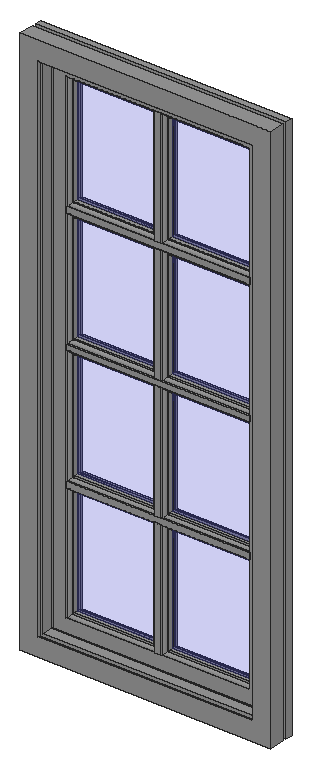
Revit family "MB1SP LH", category Windows, host Wall, Revit 2015
Parameters (values of type "MB1SP LH")
  Height = 1195 mm
  Default Lintel Height = 2100 mm
  Wall Closure = By host
  Width = 542 mm
Reference planes
  plane 1 "Center (Front/Back)": y = 0
  plane 2 "Center (Left/Right)": x = 0
  plane 3 "Left": x = -271
  plane 4 "Right": x = 271
  plane 5 "Sill": z = 905
  plane 6 "Head": z = 2100
  plane 7 "Exterior": y = 100
  plane 8 "Interior": y = -100
  plane 9: y = -28.5
  plane 10: y = 23.5
Forms (mm)
  Sweep 1, solid, material "Lauan, Meranti"
    path origin (0, 100, 0) x (1, 0, 0) y (0, 0, 1)
      loop
        line (271, 2100) -> (-271, 2100) -> (-271, 905) -> (271, 905) -> (271, 2100)
    profile origin (0, 100, 2100) x (0, 0, -1) y (0, -1, 0)
      loop
        line (0, 71.5) -> (29, 71.5) -> (29, 96.5) -> (37.5, 96.5) -> (37.5, 102.5) -> (40.5, 102.5) -> (40.5, 96.5) -> (44, 96.5) -> (44, 122.5) -> (39, 122.5) -> (39, 128.5) -> (0, 128.5) -> (0, 94.5) -> (10, 94.5) -> (10, 86.5) -> (0, 86.5) -> (0, 71.5)
  Sweep 2, solid, material "Rubber"
    path origin (0, 100, 0) x (1, 0, 0) y (0, 0, 1)
      loop
        line (233.5, 2062.5) -> (-233.5, 2062.5) -> (-233.5, 942.5) -> (233.5, 942.5) -> (233.5, 2062.5)
    profile origin (0, 100, 2062.5) x (0, 0, -1) y (0, -1, 0)
      loop
        line (1.5, 91.5) -> (6.5, 93.5) -> (6.5, 96.5) -> (2.5, 96.5) -> (2.5, 98.93) -> (3.5, 98.93) -> (2.5, 99.198) -> (2.5, 100.964) -> (3.5, 100.964) -> (1.5, 101.5) -> (-0.5, 100.964) -> (0.5, 100.964) -> (0.5, 99.198) -> (-0.5, 98.93) -> (0.5, 98.93) -> (0.5, 96.5) -> (-3.5, 96.5) -> (-3.5, 93.5) -> (1.5, 91.5)
  Sweep 3, solid, material "Lauan, Meranti"
    path origin (0, 100, 0) x (1, 0, 0) y (0, 0, 1)
      loop
        line (242, 2071) -> (-242, 2071) -> (-242, 934) -> (242, 934) -> (242, 2071)
    profile origin (0, 100, 2071) x (0, 0, -1) y (0, -1, 0)
      loop
        arc (-5, 57.5) -> (-3.242, 53.257) -> (1, 51.5) r 6
        line (1, 51.5) -> (43, 51.5) -> (43, 76.5) -> (52, 76.5) -> (52, 84.5) -> (49, 84.5)
        arc (49, 84.5) -> (47.243, 88.743) -> (43, 90.5) r 6
        line (43, 90.5) -> (43, 93.5) -> (10, 93.5) -> (10, 89.5) -> (12, 89.5) -> (12, 84.5) -> (14, 83.964) -> (14, 79.036) -> (12, 78.5) -> (12, 71.5) -> (-5, 71.5) -> (-5, 57.5)
  Extrusion 4, solid, material "Lauan, Meranti"
    sketch origin (-0.324, 25, 184.161) x (1, 0, 0) y (0, 1, 0)
      loop
        line (-6.5, 23.5) -> (-6.5, -1.5) -> (-15.5, -1.5) -> (-15.5, -9.5) -> (-12.5, -9.5)
        arc (-12.5, -9.5) -> (-10.743, -13.743) -> (-6.5, -15.5) r 6
        line (-6.5, -15.5) -> (-6.5, -18.5) -> (6.5, -18.5) -> (6.5, -15.5)
        arc (6.5, -15.5) -> (10.743, -13.743) -> (12.5, -9.5) r 6
        line (12.5, -9.5) -> (15.5, -9.5) -> (15.5, -1.5) -> (6.5, -1.5) -> (6.5, 23.5) -> (-6.5, 23.5)
    from 1590.838 to 1843.838
  Extrusion 5, solid, material "Lauan, Meranti"
    sketch origin (-270.924, 0, -15.839) x (0, -1, 0) y (0, 0, 1)
      loop
        line (-48.5, 1777.838) -> (-23.5, 1777.838) -> (-23.5, 1768.838) -> (-15.5, 1768.838) -> (-15.5, 1771.838)
        arc (-15.5, 1771.838) -> (-11.257, 1773.596) -> (-9.5, 1777.838) r 6
        line (-9.5, 1777.838) -> (-6.5, 1777.838) -> (-6.5, 1790.838) -> (-9.5, 1790.838)
        arc (-9.5, 1790.838) -> (-11.257, 1795.081) -> (-15.5, 1796.838) r 6
        line (-15.5, 1796.838) -> (-15.5, 1799.838) -> (-23.5, 1799.838) -> (-23.5, 1790.838) -> (-48.5, 1790.838) -> (-48.5, 1777.838)
      loop
        line (-48.5, 1511.838) -> (-23.5, 1511.838) -> (-23.5, 1502.838) -> (-15.5, 1502.838) -> (-15.5, 1505.838)
        arc (-15.5, 1505.838) -> (-11.257, 1507.596) -> (-9.5, 1511.838) r 6
        line (-9.5, 1511.838) -> (-6.5, 1511.838) -> (-6.5, 1524.838) -> (-9.5, 1524.838)
        arc (-9.5, 1524.838) -> (-11.257, 1529.081) -> (-15.5, 1530.838) r 6
        line (-15.5, 1530.838) -> (-15.5, 1533.838) -> (-23.5, 1533.838) -> (-23.5, 1524.838) -> (-48.5, 1524.838) -> (-48.5, 1511.838)
      loop
        line (-48.5, 1245.838) -> (-23.5, 1245.838) -> (-23.5, 1236.838) -> (-15.5, 1236.838) -> (-15.5, 1239.838)
        arc (-15.5, 1239.838) -> (-11.257, 1241.596) -> (-9.5, 1245.838) r 6
        line (-9.5, 1245.838) -> (-6.5, 1245.838) -> (-6.5, 1258.838) -> (-9.5, 1258.838)
        arc (-9.5, 1258.838) -> (-11.257, 1263.081) -> (-15.5, 1264.838) r 6
        line (-15.5, 1264.838) -> (-15.5, 1267.838) -> (-23.5, 1267.838) -> (-23.5, 1258.838) -> (-48.5, 1258.838) -> (-48.5, 1245.838)
    from -469.924 to -71.925
  Extrusion 6, solid, material "Lauan, Meranti"
    sketch origin (-0.324, 25, -15.264) x (1, 0, 0) y (0, 1, 0)
      loop
        line (-6.5, 23.5) -> (-6.5, -1.5) -> (-15.5, -1.5) -> (-15.5, -9.5) -> (-12.5, -9.5)
        arc (-12.5, -9.5) -> (-10.743, -13.743) -> (-6.5, -15.5) r 6
        line (-6.5, -15.5) -> (-6.5, -18.5) -> (6.5, -18.5) -> (6.5, -15.5)
        arc (6.5, -15.5) -> (10.743, -13.743) -> (12.5, -9.5) r 6
        line (12.5, -9.5) -> (15.5, -9.5) -> (15.5, -1.5) -> (6.5, -1.5) -> (6.5, 23.5) -> (-6.5, 23.5)
    from 1524.263 to 1777.263
  Extrusion 7, solid, material "Lauan, Meranti"
    sketch origin (-0.324, 25, -214.688) x (1, 0, 0) y (0, 1, 0)
      loop
        line (-6.5, 23.5) -> (-6.5, -1.5) -> (-15.5, -1.5) -> (-15.5, -9.5) -> (-12.5, -9.5)
        arc (-12.5, -9.5) -> (-10.743, -13.743) -> (-6.5, -15.5) r 6
        line (-6.5, -15.5) -> (-6.5, -18.5) -> (6.5, -18.5) -> (6.5, -15.5)
        arc (6.5, -15.5) -> (10.743, -13.743) -> (12.5, -9.5) r 6
        line (12.5, -9.5) -> (15.5, -9.5) -> (15.5, -1.5) -> (6.5, -1.5) -> (6.5, 23.5) -> (-6.5, 23.5)
    from 1457.688 to 1710.688
  Extrusion 8, solid, material "Lauan, Meranti"
    sketch origin (-0.324, 25, -414.113) x (1, 0, 0) y (0, 1, 0)
      loop
        line (-6.5, 23.5) -> (-6.5, -1.5) -> (-15.5, -1.5) -> (-15.5, -9.5) -> (-12.5, -9.5)
        arc (-12.5, -9.5) -> (-10.743, -13.743) -> (-6.5, -15.5) r 6
        line (-6.5, -15.5) -> (-6.5, -18.5) -> (6.5, -18.5) -> (6.5, -15.5)
        arc (6.5, -15.5) -> (10.743, -13.743) -> (12.5, -9.5) r 6
        line (12.5, -9.5) -> (15.5, -9.5) -> (15.5, -1.5) -> (6.5, -1.5) -> (6.5, 23.5) -> (-6.5, 23.5)
    from 1391.114 to 1644.113
  Extrusion 9, solid, material "Glass"
    sketch origin (-10500, 23.5, 2100) x (0, 0, -1) y (-1, 0, 0)
      loop
        line (72, -10699) -> (325, -10699) -> (325, -10506.176) -> (72, -10506.176) -> (72, -10699)
      loop
        line (72, -10493.176) -> (325, -10493.176) -> (325, -10301) -> (72, -10301) -> (72, -10493.176)
      loop
        line (338, -10699) -> (591, -10699) -> (591, -10506.176) -> (338, -10506.176) -> (338, -10699)
      loop
        line (338, -10493.176) -> (591, -10493.176) -> (591, -10301) -> (338, -10301) -> (338, -10493.176)
      loop
        line (604, -10699) -> (857, -10699) -> (857, -10506.176) -> (604, -10506.176) -> (604, -10699)
      loop
        line (604, -10493.176) -> (857, -10493.176) -> (857, -10301) -> (604, -10301) -> (604, -10493.176)
      loop
        line (870, -10699) -> (1123, -10699) -> (1123, -10506.176) -> (870, -10506.176) -> (870, -10699)
      loop
        line (870, -10493.176) -> (1122.989, -10493.176) -> (1122.989, -10301.014) -> (870, -10301.014) -> (870, -10493.176)
    from 0 to 6.4
  Sweep 10, solid, material "Lauan, Meranti"
    path origin (0, 100, 0) x (1, 0, 0) y (0, 0, 1)
      loop
        line (199, 2028) -> (6.176, 2028) -> (6.176, 1775) -> (199, 1775) -> (199, 2028)
    profile origin (102.588, 100, 2028) x (0, 0, -1) y (0, -1, 0)
      loop
        arc (0, 62.1) -> (4.67, 63.734) -> (7, 68.1) r 6.807
        line (7, 68.1) -> (9, 68.1) -> (9, 70.1) -> (0, 70.1) -> (0, 62.1)
  Sweep 11, solid, material "Lauan, Meranti"
    path origin (-205.824, 100, 0) x (1, 0, 0) y (0, 0, 1)
      loop
        line (199, 2028) -> (6.824, 2028) -> (6.824, 1775) -> (199, 1775) -> (199, 2028)
    profile origin (-102.912, 100, 2028) x (0, 0, -1) y (0, -1, 0)
      loop
        arc (0, 62.1) -> (4.67, 63.734) -> (7, 68.1) r 6.807
        line (7, 68.1) -> (9, 68.1) -> (9, 70.1) -> (0, 70.1) -> (0, 62.1)
  Sweep 12, solid, material "Lauan, Meranti"
    path origin (0, 100, -266) x (1, 0, 0) y (0, 0, 1)
      loop
        line (199, 2028) -> (6.176, 2028) -> (6.176, 1775) -> (199, 1775) -> (199, 2028)
    profile origin (102.588, 100, 1762) x (0, 0, -1) y (0, -1, 0)
      loop
        arc (0, 62.1) -> (4.67, 63.734) -> (7, 68.1) r 6.807
        line (7, 68.1) -> (9, 68.1) -> (9, 70.1) -> (0, 70.1) -> (0, 62.1)
  Sweep 13, solid, material "Lauan, Meranti"
    path origin (-205.824, 100, -266) x (1, 0, 0) y (0, 0, 1)
      loop
        line (199, 2028) -> (6.824, 2028) -> (6.824, 1775) -> (199, 1775) -> (199, 2028)
    profile origin (-102.912, 100, 1762) x (0, 0, -1) y (0, -1, 0)
      loop
        arc (0, 62.1) -> (4.67, 63.734) -> (7, 68.1) r 6.807
        line (7, 68.1) -> (9, 68.1) -> (9, 70.1) -> (0, 70.1) -> (0, 62.1)
  Sweep 14, solid, material "Lauan, Meranti"
    path origin (0, 100, -532) x (1, 0, 0) y (0, 0, 1)
      loop
        line (199, 2028) -> (6.176, 2028) -> (6.176, 1775) -> (199, 1775) -> (199, 2028)
    profile origin (102.588, 100, 1496) x (0, 0, -1) y (0, -1, 0)
      loop
        arc (0, 62.1) -> (4.67, 63.734) -> (7, 68.1) r 6.807
        line (7, 68.1) -> (9, 68.1) -> (9, 70.1) -> (0, 70.1) -> (0, 62.1)
  Sweep 15, solid, material "Lauan, Meranti"
    path origin (-205.824, 100, -532) x (1, 0, 0) y (0, 0, 1)
      loop
        line (199, 2028) -> (6.824, 2028) -> (6.824, 1775) -> (199, 1775) -> (199, 2028)
    profile origin (-102.912, 100, 1496) x (0, 0, -1) y (0, -1, 0)
      loop
        arc (0, 62.1) -> (4.67, 63.734) -> (7, 68.1) r 6.807
        line (7, 68.1) -> (9, 68.1) -> (9, 70.1) -> (0, 70.1) -> (0, 62.1)
  Sweep 16, solid, material "Lauan, Meranti"
    path origin (0, 100, -798) x (1, 0, 0) y (0, 0, 1)
      loop
        line (199, 2028) -> (6.176, 2028) -> (6.176, 1775) -> (199, 1775) -> (199, 2028)
    profile origin (102.588, 100, 1230) x (0, 0, -1) y (0, -1, 0)
      loop
        arc (0, 62.1) -> (4.67, 63.734) -> (7, 68.1) r 6.807
        line (7, 68.1) -> (9, 68.1) -> (9, 70.1) -> (0, 70.1) -> (0, 62.1)
  Sweep 17, solid, material "Lauan, Meranti"
    path origin (-205.824, 100, -798) x (1, 0, 0) y (0, 0, 1)
      loop
        line (199, 2028) -> (6.824, 2028) -> (6.824, 1775) -> (199, 1775) -> (199, 2028)
    profile origin (-102.912, 100, 1230) x (0, 0, -1) y (0, -1, 0)
      loop
        arc (0, 62.1) -> (4.67, 63.734) -> (7, 68.1) r 6.807
        line (7, 68.1) -> (9, 68.1) -> (9, 70.1) -> (0, 70.1) -> (0, 62.1)
Lines and regions (mm)
  Opening 1
    outline origin (3500, -100, 0) x (1, 0, 0) y (0, 0, 1)
      loop
        line (-3229, 905) -> (-3229, 2100) -> (-3771, 2100) -> (-3771, 905) -> (-3229, 905)
  model lines
    curve 1: line (247, 48.5, 2076) -> (-247, 48.5, 1502.5)
    curve 2: line (-247, 48.5, 1502.5) -> (247, 48.5, 929)
Text (mm)
  text "EXTERIOR" at (-1963.203, 1332.353, 0), in view "Ref. Level"
  text "INTERIOR" at (-1981.466, -818.386, 0), in view "Ref. Level"
  text "Exterior" at (0, 923.751, 2943.296), in view "Right"
  text "Exterior" at (0, 1040.484, 2685.409), in view "Left"
Dimensions and locks
  equal spacing: plane 3 "Left", plane 2 "Center (Left/Right)", plane 4 "Right"
  "Width": plane 3 "Left" to plane 4 "Right"
  "Height": plane 5 "Sill" to plane 6 "Head"
  "Default Lintel Height": plane 6 "Head" to level
  locked: plane 7 "Exterior" to host wall at 0
  locked: plane 8 "Interior" to host wall
  locked: plane 10 to plane 9 at 52
  Sweep 3 to Sweep 3 = 1033 mm
  aligned and locked: Sweep 1 sketch curve to host wall  (x4)
  aligned and locked: Sweep 2 sketch curve to Sweep 1  (x4)
  aligned and locked: Sweep 3 sketch curve to Sweep 1  (x4)
  aligned and locked: Sweep 3 sketch curve to Sweep 2
  aligned and locked: Extrusion 5 to Sweep 3  (x2)
  aligned and locked: Extrusion 4 to Sweep 3
  aligned and locked: Extrusion 8 to Extrusion 5
  aligned and locked: Extrusion 8 to Sweep 3
  aligned and locked: Extrusion 7 to Extrusion 5  (x2)
  aligned and locked: Extrusion 6 to Extrusion 5  (x2)
  aligned and locked: Extrusion 4 to Extrusion 5
  aligned and locked: Extrusion 9 sketch curve to Sweep 3  (x3)
  aligned and locked: Sweep 3 to Extrusion 9 sketch curve
  aligned and locked: Extrusion 9 sketch curve to Extrusion 4  (x4)
  aligned and locked: Extrusion 9 sketch curve to Extrusion 5  (x11)
  aligned and locked: Extrusion 9 sketch curve to Extrusion 6  (x4)
  aligned and locked: Extrusion 9 sketch curve to Extrusion 7  (x4)
  aligned and locked: Extrusion 9 sketch curve to Extrusion 8  (x3)
  aligned and locked: Extrusion 8 to Extrusion 9 sketch curve
  aligned and locked: Sweep 10 sketch curve to Sweep 3  (x2)
  aligned and locked: Sweep 10 sketch curve to Extrusion 9
  aligned and locked: Sweep 10 sketch curve to Extrusion 4
  aligned and locked: Sweep 11 sketch curve to Sweep 3  (x2)
  aligned and locked: Sweep 11 sketch curve to Extrusion 4
  aligned and locked: Sweep 11 sketch curve to Extrusion 5
  aligned and locked: Sweep 12 sketch curve to Extrusion 5  (x2)
  aligned and locked: Sweep 12 sketch curve to Sweep 3
  aligned and locked: Sweep 12 sketch curve to Extrusion 6
  aligned and locked: Sweep 13 sketch curve to Extrusion 5  (x2)
  aligned and locked: Sweep 13 sketch curve to Extrusion 6
  aligned and locked: Sweep 13 sketch curve to Sweep 3
  aligned and locked: Sweep 14 sketch curve to Extrusion 5  (x2)
  aligned and locked: Sweep 14 sketch curve to Sweep 3
  aligned and locked: Sweep 14 sketch curve to Extrusion 7
  aligned and locked: Sweep 15 sketch curve to Extrusion 5
  aligned and locked: Sweep 15 sketch curve to Extrusion 7
  aligned and locked: Sweep 15 sketch curve to Sweep 3
  aligned and locked: Sweep 16 sketch curve to Extrusion 5
  aligned and locked: Sweep 16 sketch curve to Sweep 3  (x2)
  aligned and locked: Sweep 16 sketch curve to Extrusion 8
  aligned and locked: Sweep 17 sketch curve to Extrusion 5
  aligned and locked: Sweep 17 sketch curve to Extrusion 8
  aligned and locked: Sweep 17 sketch curve to Sweep 3  (x2)
Automatic sketch dimensions
  plane 3 "Left" to Opening 1 sketch curve = 0 mm
  plane 4 "Right" to Opening 1 sketch curve = 0 mm
  Opening 1 sketch curve to plane 5 "Sill" = 0 mm
  Opening 1 sketch curve to plane 6 "Head" = 0 mm
  Sweep 1 sketch curve to profile plane = 0 mm  (x2)
  Sweep 1 sketch curve to profile plane = 10 mm
  Sweep 1 sketch curve to Sweep 1 sketch curve = 19 mm
  Sweep 1 sketch curve to Sweep 1 sketch curve = 8.5 mm
  Sweep 1 sketch curve to Sweep 1 sketch curve = 1.5 mm
  Sweep 1 sketch curve to Sweep 1 sketch curve = 3 mm
  Sweep 1 sketch curve to Sweep 1 sketch curve = 3.5 mm
  plane 7 "Exterior" to Sweep 1 sketch curve = 71.5 mm
  Sweep 1 sketch curve to Sweep 1 sketch curve = 15 mm
  Sweep 1 sketch curve to Sweep 1 sketch curve = 8 mm
  Sweep 1 sketch curve to Sweep 1 sketch curve = 25 mm
  Sweep 1 sketch curve to Sweep 1 sketch curve = 0 mm
  Sweep 1 sketch curve to Sweep 1 sketch curve = 6 mm
  Sweep 1 sketch curve to Sweep 1 sketch curve = 20 mm
  Sweep 1 sketch curve to Sweep 1 sketch curve = 34 mm
  profile plane to Sweep 2 sketch curve = 3.5 mm
  profile plane to Sweep 2 sketch curve = 0.5 mm  (x2)
  Sweep 2 sketch curve to profile plane = 0.5 mm
  Sweep 2 sketch curve to Sweep 2 sketch curve = 0 mm  (x2)
  Sweep 2 sketch curve to profile plane = 1.5 mm
  Sweep 2 sketch curve to Sweep 2 sketch curve = 1 mm  (x4)
  Sweep 2 sketch curve to Sweep 2 sketch curve = 2 mm  (x3)
  Sweep 2 sketch curve to Sweep 2 sketch curve = 4 mm
  plane 7 "Exterior" to Sweep 2 sketch curve = 91.5 mm
  Sweep 2 sketch curve to Sweep 2 sketch curve = 3 mm  (x2)
  Sweep 2 sketch curve to Sweep 2 sketch curve = 2.43 mm
  Sweep 2 sketch curve to Sweep 2 sketch curve = 0.268 mm  (x2)
  Sweep 2 sketch curve to Sweep 2 sketch curve = 1.766 mm  (x2)
  Sweep 2 sketch curve to Sweep 2 sketch curve = 0.536 mm
  profile plane to Sweep 3 sketch curve = 5 mm
  Sweep 3 sketch curve to profile plane = 1 mm
  Sweep 3 sketch curve to profile plane = 10 mm
  Sweep 3 sketch curve to Sweep 3 sketch curve = 2 mm  (x2)
  Sweep 3 sketch curve to profile plane = 12 mm
  Sweep 3 sketch curve to Sweep 3 sketch curve = 31 mm
  Sweep 3 sketch curve to Sweep 3 sketch curve = 0 mm
  Sweep 3 sketch curve to Sweep 3 sketch curve = 6 mm
  Sweep 3 sketch curve to Sweep 3 sketch curve = 3 mm  (x2)
  Sweep 3 sketch curve to Sweep 3 sketch curve = 4 mm
  Sweep 3 sketch curve to Sweep 3 sketch curve = 5 mm
  Sweep 3 sketch curve to Sweep 3 sketch curve = 0.536 mm  (x2)
  Sweep 3 sketch curve to Sweep 3 sketch curve = 4.928 mm
  Sweep 3 sketch curve to Sweep 3 sketch curve = 8 mm
  Sweep 3 sketch curve to Sweep 3 sketch curve = 7 mm
  Sweep 3 sketch curve to Sweep 3 sketch curve = 14 mm
  curve 1 to plane 3 "Left" = 24 mm
  curve 2 to plane 5 "Sill" = 597.5 mm
  plane 4 "Right" to curve 2 = 24 mm
  plane 4 "Right" to curve 1 = 24 mm
  curve 2 to plane 5 "Sill" = 24 mm
  plane 6 "Head" to curve 1 = 24 mm
  Extrusion 4 sketch curve to plane 10 = 0 mm  (x2)
  plane 2 "Center (Left/Right)" to Extrusion 4 sketch curve = 15.824 mm
  Extrusion 4 sketch curve to Extrusion 4 sketch curve = 3 mm  (x3)
  plane 2 "Center (Left/Right)" to Extrusion 4 sketch curve = 6.824 mm  (x2)
  Extrusion 4 sketch curve to plane 2 "Center (Left/Right)" = 6.176 mm  (x2)
  Extrusion 4 sketch curve to Extrusion 4 sketch curve = 6 mm
  Extrusion 4 sketch curve to Extrusion 4 sketch curve = 8 mm  (x2)
  plane 10 to Extrusion 4 sketch curve = 25 mm
  Extrusion 5 sketch curve to plane 10 = 0 mm  (x6)
  Extrusion 5 sketch curve to Extrusion 5 sketch curve = 25 mm  (x3)
  Extrusion 5 sketch curve to plane 10 = 8 mm  (x6)
  Extrusion 5 sketch curve to Extrusion 5 sketch curve = 6 mm  (x6)
  Extrusion 5 sketch curve to Extrusion 5 sketch curve = 3 mm  (x9)
  Extrusion 5 sketch curve to plane 5 "Sill" = 316 mm
  Extrusion 5 sketch curve to Extrusion 5 sketch curve = 0 mm  (x3)
  Extrusion 5 sketch curve to Extrusion 5 sketch curve = 13 mm  (x6)
  Extrusion 5 sketch curve to Extrusion 5 sketch curve = 235 mm  (x2)
  Extrusion 6 sketch curve to plane 10 = 0 mm  (x2)
  plane 2 "Center (Left/Right)" to Extrusion 6 sketch curve = 15.824 mm
  Extrusion 6 sketch curve to Extrusion 6 sketch curve = 3 mm  (x3)
  plane 2 "Center (Left/Right)" to Extrusion 6 sketch curve = 6.824 mm  (x2)
  Extrusion 6 sketch curve to plane 2 "Center (Left/Right)" = 6.176 mm  (x2)
  Extrusion 6 sketch curve to Extrusion 6 sketch curve = 6 mm
  Extrusion 6 sketch curve to Extrusion 6 sketch curve = 8 mm  (x2)
  plane 10 to Extrusion 6 sketch curve = 25 mm
  Extrusion 7 sketch curve to plane 10 = 0 mm  (x2)
  plane 2 "Center (Left/Right)" to Extrusion 7 sketch curve = 15.824 mm
  Extrusion 7 sketch curve to Extrusion 7 sketch curve = 3 mm  (x3)
  plane 2 "Center (Left/Right)" to Extrusion 7 sketch curve = 6.824 mm  (x2)
  Extrusion 7 sketch curve to plane 2 "Center (Left/Right)" = 6.176 mm  (x2)
  Extrusion 7 sketch curve to Extrusion 7 sketch curve = 6 mm
  Extrusion 7 sketch curve to Extrusion 7 sketch curve = 8 mm  (x2)
  plane 10 to Extrusion 7 sketch curve = 25 mm
  Extrusion 8 sketch curve to plane 10 = 0 mm  (x2)
  plane 2 "Center (Left/Right)" to Extrusion 8 sketch curve = 15.824 mm
  Extrusion 8 sketch curve to Extrusion 8 sketch curve = 3 mm  (x3)
  plane 2 "Center (Left/Right)" to Extrusion 8 sketch curve = 6.824 mm  (x2)
  Extrusion 8 sketch curve to plane 2 "Center (Left/Right)" = 6.176 mm  (x2)
  Extrusion 8 sketch curve to Extrusion 8 sketch curve = 6 mm
  Extrusion 8 sketch curve to Extrusion 8 sketch curve = 8 mm  (x2)
  plane 10 to Extrusion 8 sketch curve = 25 mm
  Extrusion 9 sketch curve to Extrusion 9 sketch curve = 13 mm
  Sweep 10 sketch curve to profile plane = 0 mm
  Sweep 10 sketch curve to profile plane = 0.241 mm
  Sweep 10 sketch curve to Sweep 10 sketch curve = 6.759 mm
  Sweep 10 sketch curve to Sweep 10 sketch curve = 2 mm  (x2)
  profile plane to Sweep 10 sketch curve = 62.1 mm
  Sweep 10 sketch curve to Sweep 10 sketch curve = 6 mm
  Sweep 11 sketch curve to profile plane = 0 mm
  Sweep 11 sketch curve to profile plane = 0.241 mm
  Sweep 11 sketch curve to Sweep 11 sketch curve = 6.759 mm
  Sweep 11 sketch curve to Sweep 11 sketch curve = 2 mm  (x2)
  profile plane to Sweep 11 sketch curve = 62.1 mm
  Sweep 11 sketch curve to Sweep 11 sketch curve = 6 mm
  Sweep 12 sketch curve to profile plane = 0 mm
  Sweep 12 sketch curve to profile plane = 0.241 mm
  Sweep 12 sketch curve to Sweep 12 sketch curve = 6.759 mm
  Sweep 12 sketch curve to Sweep 12 sketch curve = 2 mm  (x2)
  profile plane to Sweep 12 sketch curve = 62.1 mm
  Sweep 12 sketch curve to Sweep 12 sketch curve = 6 mm
  Sweep 13 sketch curve to profile plane = 0 mm
  Sweep 13 sketch curve to profile plane = 0.241 mm
  Sweep 13 sketch curve to Sweep 13 sketch curve = 6.759 mm
  Sweep 13 sketch curve to Sweep 13 sketch curve = 2 mm  (x2)
  profile plane to Sweep 13 sketch curve = 62.1 mm
  Sweep 13 sketch curve to Sweep 13 sketch curve = 6 mm
  Sweep 14 sketch curve to profile plane = 0 mm
  Sweep 14 sketch curve to profile plane = 0.241 mm
  Sweep 14 sketch curve to Sweep 14 sketch curve = 6.759 mm
  Sweep 14 sketch curve to Sweep 14 sketch curve = 2 mm  (x2)
  profile plane to Sweep 14 sketch curve = 62.1 mm
  Sweep 14 sketch curve to Sweep 14 sketch curve = 6 mm
  Sweep 15 sketch curve to profile plane = 0 mm
  Sweep 15 sketch curve to profile plane = 0.241 mm
  Sweep 15 sketch curve to Sweep 15 sketch curve = 6.759 mm
  Sweep 15 sketch curve to Sweep 15 sketch curve = 2 mm  (x2)
  profile plane to Sweep 15 sketch curve = 62.1 mm
  Sweep 15 sketch curve to Sweep 15 sketch curve = 6 mm
  Sweep 16 sketch curve to profile plane = 0 mm
  Sweep 16 sketch curve to profile plane = 0.241 mm
  Sweep 16 sketch curve to Sweep 16 sketch curve = 6.759 mm
  Sweep 16 sketch curve to Sweep 16 sketch curve = 2 mm  (x2)
  profile plane to Sweep 16 sketch curve = 62.1 mm
  Sweep 16 sketch curve to Sweep 16 sketch curve = 6 mm
  Sweep 17 sketch curve to profile plane = 0 mm
  Sweep 17 sketch curve to profile plane = 0.241 mm
  Sweep 17 sketch curve to Sweep 17 sketch curve = 6.759 mm
  Sweep 17 sketch curve to Sweep 17 sketch curve = 2 mm  (x2)
  profile plane to Sweep 17 sketch curve = 62.1 mm
  Sweep 17 sketch curve to Sweep 17 sketch curve = 6 mm
  Sweep 15 sketch curve to Sweep 15 sketch curve = 253 mm
